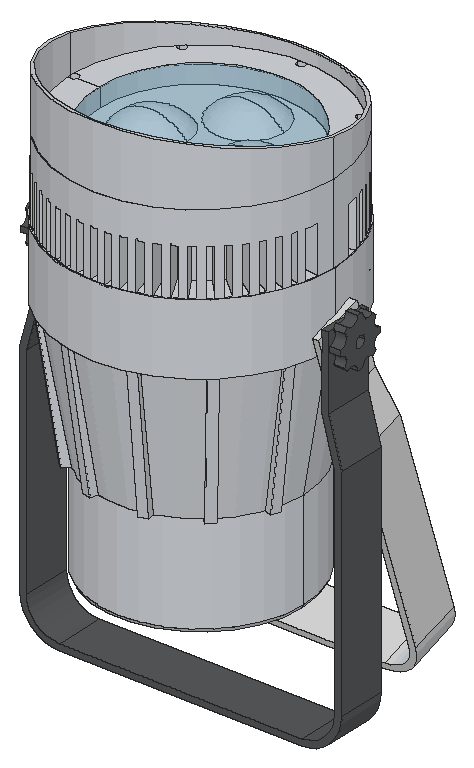
Revit family "WALL WASHER FOCUS RGBW_LVL4030RGB.10", category Luminarias, Revit 2019
Family settings
  Cota de conector redondo = Diámetro de uso
  Tipo de pieza = Normal
  Se basa en plano de trabajo = Sí
  Siempre vertical = No
  Corte con vacíos al cargar = No
  Origen de luz = Sí
  Compartido = No
  Punto de cálculo de habitación = No
Parameters (values of type "REFL_LVL4030RGB.10")
  Zone [instance] = ""
  Watt per fixture = 45
  Wattage = 45 W
  built-in parameter 1150107 = 3200 (stored number, unit not read)
  Tamaño de símbolo de origen de luz = 500 mm
  built-in parameter 1150110 = 1 (stored number, unit not read)
  built-in parameter 1150109 = 1 (stored number, unit not read)
  built-in parameter 1150112 = 1 (stored number, unit not read)
  built-in parameter 1150113 = 1 (stored number, unit not read)
  built-in parameter 1114218 = 1 (stored number, unit not read)
  Keynote = ""
  built-in parameter 1150137 = (empty or 0)
  built-in parameter 1150132 = (empty or 0)
  Modelo = "LVL4030RGB.10"
  Lámpara = "CREE"
  Emit from Line Length = 609.6 mm
  built-in parameter 1150105 = 109.26 (stored number, unit not read)
  built-in parameter 1150102 = (empty or 0)
  built-in parameter 1150106 = 1.0926 (stored number, unit not read)
  Lumens = 1372.95 lm
  Color Filter = 16777215
  built-in parameter 1114217 = 1 (stored number, unit not read)
  built-in parameter 1150139 = (empty or 0)
  Fabricante = "BRILLANT"
  Default Elevation = 0 mm
  built-in parameter 1150104 = 2.8345 (stored number, unit not read)
  Descripción = "LUMINARIA TIPO REFLECTOR DIRIGIBLE, WALL WASHER , CUERPO DE ALUMINIO FUNDIDO A PRESION, 279MM DE LARGO POR 162MM DE DIAMETRO CON UN PESO DE 4.2KG, CUENTA CON 4 LED TIPO CREE RGBW CON UN CONSUMO TOTAL DE 45W, 1373 LUMENES, IP 66, CABLE H05RN DE 1.5M, APERTURA DE 10 GRADOS EN STOCK, ALIMENTADA CON FUENTE REMOTA A 90-277V. REQUIERE ACCESORIOS."
  built-in parameter 1150115 = 1 (stored number, unit not read)
  built-in parameter 1150114 = 1 (stored number, unit not read)
  Comentarios de vataje = "90-277V"
  built-in parameter 1150138 = (empty or 0)
  built-in parameter 1150134 = 3
  Circuit [instance] = ""
  Dimming Lamp Color Temperature Shift = (empty or 0)
  built-in parameter 1150133 = 10 (stored number, unit not read)
Reference planes
  plane 1 "Centro (Frontal/Posterior)": y = 0
  plane 2: z = 0
  plane 3 "Centro (Izquierda/Derecha)": x = 0
  plane 4: z = 343
  plane 5 "dwn bt": y = -8.457
Forms (mm)
  Revolve 1, solid
    sketch origin (0, 0, 0) x (1, 0, 0) y (0, 0, 1)
      loop
        line (0, 304.723) -> (0, 64) -> (61.428, 64) -> (62.767, 66.319) -> (62.767, 126.319) -> (81, 229.723) -> (81, 304.723) -> (0, 304.723)
      axis (0, 304.723) -> (0, 64)
    angle from 0 to 360
  Revolve 2, solid
    sketch origin (0, 0, 0) x (1, 0, 0) y (0, 0, 1)
      loop
        line (81, 304.723) -> (81, 343) -> (79.148, 343) -> (79.148, 304.723) -> (81, 304.723)
      axis (0, 343) -> (0, 304.723)
    angle from 0 to 360
  Extrusion 3, void
    sketch origin (0, 0, 0) x (1, 0, 0) y (0, 1, 0)
      loop
        circle (0, 0) r 61.428
    from 293.199 to 304.723
  Extrusion 4, solid, material "Cristal"
    sketch origin (0, 0, 0) x (1, 0, 0) y (0, 1, 0)
      loop
        circle (0, 0) r 61.428
    from 304.18 to 304.723
  Revolve 5, solid
    sketch origin (0, 0, 0) x (1, 0, 0) y (0, 0, 1)
      loop
        arc (-30.028, 303.383) -> (-42.063, 300.712) -> (-51.838, 293.199) r 28.445
        line (-51.838, 293.199) -> (-30.028, 293.199) -> (-30.028, 303.383)
      axis (-30.028, 303.383) -> (-30.028, 293.199)
    angle from 0 to 360
  Revolve 6, solid
    sketch origin (0, 0, 0) x (-1, 0, 0) y (0, 0, 1)
      loop
        arc (-30.028, 303.383) -> (-42.063, 300.712) -> (-51.838, 293.199) r 28.445
        line (-51.838, 293.199) -> (-30.028, 293.199) -> (-30.028, 303.383)
      axis (-30.028, 303.383) -> (-30.028, 293.199)
    angle from 0 to 360
  Revolve 7, solid
    sketch origin (-30.028, -35.785, 0) x (-1, 0, 0) y (0, 0, 1)
      loop
        arc (-30.028, 303.383) -> (-42.063, 300.712) -> (-51.838, 293.199) r 28.445
        line (-51.838, 293.199) -> (-30.028, 293.199) -> (-30.028, 303.383)
      axis (-30.028, 303.383) -> (-30.028, 293.199)
    angle from 0 to 360
  Revolve 8, solid
    sketch origin (-30.028, 35.785, 0) x (-1, 0, 0) y (0, 0, 1)
      loop
        arc (-30.028, 303.383) -> (-42.063, 300.712) -> (-51.838, 293.199) r 28.445
        line (-51.838, 293.199) -> (-30.028, 293.199) -> (-30.028, 303.383)
      axis (-30.028, 303.383) -> (-30.028, 293.199)
    angle from 0 to 360
  Extrusion 9, void
    sketch origin (2.444, -0.551, 0) x (-0.003976, -0.999992, 0) y (0, 0, -1)
      loop
        line (-83.997, -311.475) -> (-83.997, -356.475) -> (81, -356.475) -> (81, -343) -> (-83.997, -311.475)
    from -88.464 to 86.561
  Extrusion 10, void
    sketch origin (0, 0, 0) x (1, 0, 0) y (0, 1, 0)
      loop
        circle (0, 76.526) r 2.622
      loop
        circle (0, -76.526) r 2.622
      loop
        circle (54.112, 54.112) r 2.622
      loop
        circle (76.526, 0) r 2.622
      loop
        circle (-54.112, 54.112) r 2.622
      loop
        circle (-76.526, 0) r 2.622
      loop
        circle (54.112, -54.112) r 2.622
      loop
        circle (-54.112, -54.112) r 2.622
    from 301.235 to 304.723
  Extrusion 11, void
    sketch origin (0, 0, 0) x (1, 0, 0) y (0, 1, 0)
      loop
        arc (80.236, -19.26) -> (81.088, -15.202) -> (81.732, -11.105) r 81
        line (81.732, -11.105) -> (62.195, -8.451)
        arc (62.195, -8.451) -> (61.692, -11.565) -> (61.033, -14.651) r 62.767
        line (61.033, -14.651) -> (80.236, -19.26)
      loop
        arc (-61.667, -11.699) -> (-62.177, -8.585) -> (-62.53, -5.45) r 62.767
        line (-62.53, -5.45) -> (-81.671, -7.119)
        arc (-81.671, -7.119) -> (-81.866, -11.285) -> (-81.109, -15.387) r 18.232
        line (-81.109, -15.387) -> (-61.667, -11.699)
      loop
        line (-60.182, -17.829) -> (-78.782, -23.339)
        arc (-78.782, -23.339) -> (-78.341, -25.454) -> (-77.629, -27.493) r 16.49
        line (-77.629, -27.493) -> (-59.085, -20.925)
        arc (-59.085, -20.925) -> (-59.698, -19.4) -> (-60.182, -17.829) r 19.533
      loop
        line (-57.988, -24.022) -> (-76.139, -31.541)
        arc (-76.139, -31.541) -> (-75.398, -33.571) -> (-74.454, -35.516) r 21.21
        line (-74.454, -35.516) -> (-56.574, -26.987)
        arc (-56.574, -26.987) -> (-57.342, -25.533) -> (-57.988, -24.022) r 19.998
      loop
        line (-55.16, -29.952) -> (-72.911, -39.591)
        arc (-72.911, -39.591) -> (-72.021, -41.581) -> (-70.888, -43.443) r 17.299
        line (-70.888, -43.443) -> (-53.443, -32.753)
        arc (-53.443, -32.753) -> (-54.359, -31.388) -> (-55.16, -29.952) r 19.872
      loop
        line (-51.727, -35.553) -> (-68.213, -46.885)
        arc (-68.213, -46.885) -> (-67.145, -48.783) -> (-65.899, -50.57) r 22.581
        line (-65.899, -50.57) -> (-49.727, -38.159)
        arc (-49.727, -38.159) -> (-50.786, -36.902) -> (-51.727, -35.553) r 17.97
      loop
        line (-47.727, -40.766) -> (-62.889, -53.716)
        arc (-62.889, -53.716) -> (-61.556, -55.427) -> (-60.049, -56.989) r 20.595
        line (-60.049, -56.989) -> (-45.528, -43.208)
        arc (-45.528, -43.208) -> (-46.643, -42.001) -> (-47.727, -40.766) r 62.767
      loop
        line (-43.204, -45.531) -> (-56.858, -59.92)
        arc (-56.858, -59.92) -> (-55.371, -61.497) -> (-53.738, -62.924) r 22.457
        line (-53.738, -62.924) -> (-40.706, -47.664)
        arc (-40.706, -47.664) -> (-42.018, -46.671) -> (-43.204, -45.531) r 14.013
      loop
        line (-38.208, -49.798) -> (-50.144, -65.354)
        arc (-50.144, -65.354) -> (-48.53, -66.796) -> (-46.712, -67.971) r 13.876
        line (-46.712, -67.971) -> (-35.501, -51.658)
        arc (-35.501, -51.658) -> (-36.888, -50.776) -> (-38.208, -49.798) r 23.281
      loop
        line (-32.794, -53.519) -> (-42.87, -69.963)
        arc (-42.87, -69.963) -> (-41.118, -71.218) -> (-39.239, -72.275) r 19.752
        line (-39.239, -72.275) -> (-29.907, -55.086)
        arc (-29.907, -55.086) -> (-31.386, -54.368) -> (-32.794, -53.519) r 18.038
      loop
        line (-27.02, -56.653) -> (-35.344, -74.107)
        arc (-35.344, -74.107) -> (-33.457, -75.148) -> (-31.476, -75.997) r 21.816
        line (-31.476, -75.997) -> (-23.985, -57.91)
        arc (-23.985, -57.91) -> (-25.53, -57.349) -> (-27.02, -56.653) r 18.731
      loop
        line (-20.95, -59.167) -> (-27.489, -77.635)
        arc (-27.489, -77.635) -> (-25.493, -78.465) -> (-23.421, -79.077) r 20.23
        line (-23.421, -79.077) -> (-17.8, -60.1)
        arc (-17.8, -60.1) -> (-19.401, -59.721) -> (-20.95, -59.167) r 14.9
      loop
        line (-14.651, -61.033) -> (-19.226, -80.094)
        arc (-19.226, -80.094) -> (-17.144, -80.669) -> (-15.018, -81.047) r 23.129
        line (-15.018, -81.047) -> (-11.421, -61.632)
        arc (-11.421, -61.632) -> (-13.05, -61.413) -> (-14.651, -61.033) r 16.48
      loop
        line (-8.191, -62.23) -> (-10.739, -81.59)
        arc (-10.739, -81.59) -> (-8.612, -81.957) -> (-6.463, -82.155) r 27.318
        line (-6.463, -82.155) -> (-4.922, -62.574)
        arc (-4.922, -62.574) -> (-6.559, -62.423) -> (-8.191, -62.23) r 62.767
      loop
        line (-1.641, -62.745) -> (-2.155, -82.406)
        arc (-2.155, -82.406) -> (0.001, -82.323) -> (2.159, -82.347) r 42.99
        line (2.159, -82.347) -> (1.645, -62.745)
        arc (1.645, -62.745) -> (0.002, -62.767) -> (-1.641, -62.745) r 62.972
      loop
        line (4.927, -62.573) -> (6.445, -81.858)
        arc (6.445, -81.858) -> (8.595, -81.752) -> (10.731, -81.49) r 29.655
        line (10.731, -81.49) -> (8.184, -62.144)
        arc (8.184, -62.144) -> (6.564, -62.428) -> (4.927, -62.573) r 19.428
      loop
        line (11.441, -61.716) -> (15.019, -81.021)
        arc (15.019, -81.021) -> (17.156, -80.7) -> (19.261, -80.216) r 28.12
        line (19.261, -80.216) -> (14.655, -61.032)
        arc (14.655, -61.032) -> (13.052, -61.395) -> (11.441, -61.716) r 62.767
      loop
        line (17.829, -60.182) -> (23.391, -78.957)
        arc (23.391, -78.957) -> (25.508, -78.505) -> (27.574, -77.859) r 23.423
        line (27.574, -77.859) -> (20.925, -59.085)
        arc (20.925, -59.085) -> (19.408, -59.719) -> (17.829, -60.182) r 14.808
      loop
        line (24.022, -57.988) -> (31.624, -76.339)
        arc (31.624, -76.339) -> (33.647, -75.566) -> (35.587, -74.602) r 22.462
        line (35.587, -74.602) -> (27.024, -56.652)
        arc (27.024, -56.652) -> (25.532, -57.34) -> (24.022, -57.988) r 62.767
      loop
        line (29.952, -55.16) -> (39.337, -72.444)
        arc (39.337, -72.444) -> (41.264, -71.466) -> (43.101, -70.329) r 25.529
        line (43.101, -70.329) -> (32.753, -53.443)
        arc (32.753, -53.443) -> (31.391, -54.365) -> (29.952, -55.16) r 18.107
      loop
        line (35.553, -51.727) -> (46.793, -68.08)
        arc (46.793, -68.08) -> (48.61, -66.902) -> (50.327, -65.582) r 27.004
        line (50.327, -65.582) -> (38.159, -49.727)
        arc (38.159, -49.727) -> (36.902, -50.786) -> (35.553, -51.727) r 18
      loop
        line (40.766, -47.727) -> (53.562, -62.709)
        arc (53.562, -62.709) -> (55.186, -61.284) -> (56.686, -59.731) r 26.218
        line (56.686, -59.731) -> (43.148, -45.466)
        arc (43.148, -45.466) -> (42.017, -46.659) -> (40.766, -47.727) r 15.608
      loop
        line (45.531, -43.204) -> (59.808, -56.752)
        arc (59.808, -56.752) -> (61.314, -55.203) -> (62.703, -53.549) r 29.68
        line (62.703, -53.549) -> (47.73, -40.762)
        arc (47.73, -40.762) -> (46.646, -41.998) -> (45.531, -43.204) r 62.767
      loop
        line (49.798, -38.208) -> (65.269, -50.079)
        arc (65.269, -50.079) -> (66.634, -48.41) -> (67.871, -46.643) r 28.953
        line (67.871, -46.643) -> (51.658, -35.501)
        arc (51.658, -35.501) -> (50.794, -36.9) -> (49.798, -38.208) r 16.956
      loop
        line (53.519, -32.794) -> (70.141, -42.979)
        arc (70.141, -42.979) -> (71.269, -41.143) -> (72.232, -39.216) r 24.475
        line (72.232, -39.216) -> (55.086, -29.907)
        arc (55.086, -29.907) -> (54.383, -31.394) -> (53.519, -32.794) r 14.703
      loop
        line (56.653, -27.02) -> (74.283, -35.428)
        arc (74.283, -35.428) -> (75.288, -33.518) -> (76.13, -31.531) r 25.721
        line (76.13, -31.531) -> (57.91, -23.985)
        arc (57.91, -23.985) -> (57.382, -25.544) -> (56.653, -27.02) r 12.458
      loop
        line (59.167, -20.95) -> (77.709, -27.515)
        arc (77.709, -27.515) -> (78.492, -25.501) -> (79.095, -23.426) r 24.77
        line (79.095, -23.426) -> (60.183, -17.825)
        arc (60.183, -17.825) -> (59.696, -19.394) -> (59.167, -20.95) r 62.767
      loop
        line (80.236, 19.671) -> (61.033, 15.061)
        arc (61.033, 15.061) -> (61.692, 11.976) -> (62.195, 8.862) r 62.767
        line (62.195, 8.862) -> (81.732, 11.516)
        arc (81.732, 11.516) -> (81.088, 15.612) -> (80.236, 19.671) r 81
      loop
        line (-61.667, 12.109) -> (-81.109, 15.798)
        arc (-81.109, 15.798) -> (-81.866, 11.696) -> (-81.671, 7.529) r 18.232
        line (-81.671, 7.529) -> (-62.53, 5.861)
        arc (-62.53, 5.861) -> (-62.177, 8.996) -> (-61.667, 12.109) r 62.767
      loop
        arc (-60.182, 18.239) -> (-59.698, 19.811) -> (-59.085, 21.336) r 19.533
        line (-59.085, 21.336) -> (-77.629, 27.903)
        arc (-77.629, 27.903) -> (-78.341, 25.864) -> (-78.782, 23.75) r 16.49
        line (-78.782, 23.75) -> (-60.182, 18.239)
      loop
        arc (-57.988, 24.432) -> (-57.342, 25.944) -> (-56.574, 27.397) r 19.998
        line (-56.574, 27.397) -> (-74.454, 35.926)
        arc (-74.454, 35.926) -> (-75.398, 33.982) -> (-76.139, 31.952) r 21.21
        line (-76.139, 31.952) -> (-57.988, 24.432)
      loop
        arc (-55.16, 30.362) -> (-54.359, 31.798) -> (-53.443, 33.163) r 19.872
        line (-53.443, 33.163) -> (-70.888, 43.854)
        arc (-70.888, 43.854) -> (-72.021, 41.992) -> (-72.911, 40.001) r 17.299
        line (-72.911, 40.001) -> (-55.16, 30.362)
      loop
        arc (-51.727, 35.964) -> (-50.786, 37.313) -> (-49.727, 38.57) r 17.97
        line (-49.727, 38.57) -> (-65.899, 50.98)
        arc (-65.899, 50.98) -> (-67.145, 49.194) -> (-68.213, 47.295) r 22.581
        line (-68.213, 47.295) -> (-51.727, 35.964)
      loop
        arc (-47.727, 41.176) -> (-46.643, 42.411) -> (-45.528, 43.618) r 62.767
        line (-45.528, 43.618) -> (-60.049, 57.399)
        arc (-60.049, 57.399) -> (-61.556, 55.838) -> (-62.889, 54.127) r 20.595
        line (-62.889, 54.127) -> (-47.727, 41.176)
      loop
        arc (-43.204, 45.942) -> (-42.018, 47.082) -> (-40.706, 48.075) r 14.013
        line (-40.706, 48.075) -> (-53.738, 63.334)
        arc (-53.738, 63.334) -> (-55.371, 61.908) -> (-56.858, 60.33) r 22.457
        line (-56.858, 60.33) -> (-43.204, 45.942)
      loop
        arc (-38.208, 50.208) -> (-36.888, 51.186) -> (-35.501, 52.069) r 23.281
        line (-35.501, 52.069) -> (-46.712, 68.382)
        arc (-46.712, 68.382) -> (-48.53, 67.207) -> (-50.144, 65.764) r 13.876
        line (-50.144, 65.764) -> (-38.208, 50.208)
      loop
        arc (-32.794, 53.929) -> (-31.386, 54.779) -> (-29.907, 55.497) r 18.038
        line (-29.907, 55.497) -> (-39.239, 72.686)
        arc (-39.239, 72.686) -> (-41.118, 71.629) -> (-42.87, 70.374) r 19.752
        line (-42.87, 70.374) -> (-32.794, 53.929)
      loop
        arc (-27.02, 57.064) -> (-25.53, 57.759) -> (-23.985, 58.321) r 18.731
        line (-23.985, 58.321) -> (-31.476, 76.408)
        arc (-31.476, 76.408) -> (-33.457, 75.558) -> (-35.344, 74.517) r 21.816
        line (-35.344, 74.517) -> (-27.02, 57.064)
      loop
        arc (-20.95, 59.578) -> (-19.401, 60.132) -> (-17.8, 60.511) r 14.9
        line (-17.8, 60.511) -> (-23.421, 79.487)
        arc (-23.421, 79.487) -> (-25.493, 78.875) -> (-27.489, 78.046) r 20.23
        line (-27.489, 78.046) -> (-20.95, 59.578)
      loop
        arc (-14.651, 61.444) -> (-13.05, 61.824) -> (-11.421, 62.042) r 16.48
        line (-11.421, 62.042) -> (-15.018, 81.458)
        arc (-15.018, 81.458) -> (-17.144, 81.079) -> (-19.226, 80.504) r 23.129
        line (-19.226, 80.504) -> (-14.651, 61.444)
      loop
        arc (-8.191, 62.641) -> (-6.559, 62.834) -> (-4.922, 62.984) r 62.767
        line (-4.922, 62.984) -> (-6.463, 82.566)
        arc (-6.463, 82.566) -> (-8.612, 82.368) -> (-10.739, 82.001) r 27.318
        line (-10.739, 82.001) -> (-8.191, 62.641)
      loop
        arc (-1.641, 63.156) -> (0.002, 63.178) -> (1.645, 63.156) r 62.972
        line (1.645, 63.156) -> (2.159, 82.758)
        arc (2.159, 82.758) -> (0.001, 82.733) -> (-2.155, 82.816) r 42.99
        line (-2.155, 82.816) -> (-1.641, 63.156)
      loop
        arc (4.927, 62.984) -> (6.564, 62.838) -> (8.184, 62.555) r 19.428
        line (8.184, 62.555) -> (10.731, 81.901)
        arc (10.731, 81.901) -> (8.595, 82.163) -> (6.445, 82.268) r 29.655
        line (6.445, 82.268) -> (4.927, 62.984)
      loop
        arc (11.441, 62.126) -> (13.052, 61.805) -> (14.655, 61.443) r 62.767
        line (14.655, 61.443) -> (19.261, 80.627)
        arc (19.261, 80.627) -> (17.156, 81.111) -> (15.019, 81.432) r 28.12
        line (15.019, 81.432) -> (11.441, 62.126)
      loop
        arc (17.829, 60.592) -> (19.408, 60.13) -> (20.925, 59.495) r 14.808
        line (20.925, 59.495) -> (27.574, 78.27)
        arc (27.574, 78.27) -> (25.508, 78.915) -> (23.391, 79.367) r 23.423
        line (23.391, 79.367) -> (17.829, 60.592)
      loop
        arc (24.022, 58.399) -> (25.532, 57.75) -> (27.024, 57.062) r 62.767
        line (27.024, 57.062) -> (35.587, 75.013)
        arc (35.587, 75.013) -> (33.647, 75.977) -> (31.624, 76.749) r 22.462
        line (31.624, 76.749) -> (24.022, 58.399)
      loop
        arc (29.952, 55.57) -> (31.391, 54.776) -> (32.753, 53.854) r 18.107
        line (32.753, 53.854) -> (43.101, 70.74)
        arc (43.101, 70.74) -> (41.264, 71.877) -> (39.337, 72.855) r 25.529
        line (39.337, 72.855) -> (29.952, 55.57)
      loop
        arc (35.553, 52.137) -> (36.902, 51.197) -> (38.159, 50.137) r 18
        line (38.159, 50.137) -> (50.327, 65.993)
        arc (50.327, 65.993) -> (48.61, 67.313) -> (46.793, 68.49) r 27.004
        line (46.793, 68.49) -> (35.553, 52.137)
      loop
        arc (40.766, 48.138) -> (42.017, 47.07) -> (43.148, 45.876) r 15.608
        line (43.148, 45.876) -> (56.686, 60.141)
        arc (56.686, 60.141) -> (55.186, 61.695) -> (53.562, 63.119) r 26.218
        line (53.562, 63.119) -> (40.766, 48.138)
      loop
        arc (45.531, 43.615) -> (46.646, 42.408) -> (47.73, 41.173) r 62.767
        line (47.73, 41.173) -> (62.703, 53.96)
        arc (62.703, 53.96) -> (61.314, 55.614) -> (59.808, 57.163) r 29.68
        line (59.808, 57.163) -> (45.531, 43.615)
      loop
        arc (49.798, 38.619) -> (50.794, 37.31) -> (51.658, 35.912) r 16.956
        line (51.658, 35.912) -> (67.871, 47.054)
        arc (67.871, 47.054) -> (66.634, 48.82) -> (65.269, 50.49) r 28.953
        line (65.269, 50.49) -> (49.798, 38.619)
      loop
        arc (53.519, 33.204) -> (54.383, 31.805) -> (55.086, 30.317) r 14.703
        line (55.086, 30.317) -> (72.232, 39.626)
        arc (72.232, 39.626) -> (71.269, 41.554) -> (70.141, 43.39) r 24.475
        line (70.141, 43.39) -> (53.519, 33.204)
      loop
        arc (56.653, 27.43) -> (57.382, 25.955) -> (57.91, 24.396) r 12.458
        line (57.91, 24.396) -> (76.13, 31.942)
        arc (76.13, 31.942) -> (75.288, 33.929) -> (74.283, 35.839) r 25.721
        line (74.283, 35.839) -> (56.653, 27.43)
      loop
        arc (59.167, 21.361) -> (59.696, 19.805) -> (60.183, 18.235) r 62.767
        line (60.183, 18.235) -> (79.095, 23.837)
        arc (79.095, 23.837) -> (78.492, 25.912) -> (77.709, 27.926) r 24.77
        line (77.709, 27.926) -> (59.167, 21.361)
    from 256.308 to 285.023
  Extrusion 12, solid
    sketch origin (0, 0, 0) x (1, 0, 0) y (0, 1, 0)
      loop
        circle (0, 0) r 81
      loop
        circle (0, 0) r 81.906
    from 213.202 to 256.308
  Extrusion 13, solid, material "Plastico"
    sketch origin (0, 0, 0) x (0, 1, 0) y (0, 0, 1)
      loop
        arc (14.911, 219.803) -> (15, 221.438) -> (14.911, 223.073) r 15
        arc (14.911, 223.073) -> (10.77, 225.899) -> (11.7, 230.825) r 4.579
        arc (11.7, 230.825) -> (10.607, 232.045) -> (9.387, 233.138) r 15
        arc (9.387, 233.138) -> (4.461, 232.208) -> (1.635, 236.349) r 4.579
        arc (1.635, 236.349) -> (0, 236.438) -> (-1.635, 236.349) r 15
        arc (-1.635, 236.349) -> (-4.461, 232.208) -> (-9.387, 233.138) r 4.579
        arc (-9.387, 233.138) -> (-10.607, 232.045) -> (-11.7, 230.825) r 15
        arc (-11.7, 230.825) -> (-10.77, 225.899) -> (-14.911, 223.073) r 4.579
        arc (-14.911, 223.073) -> (-15, 221.438) -> (-14.911, 219.803) r 15
        arc (-14.911, 219.803) -> (-10.77, 216.977) -> (-11.7, 212.051) r 4.579
        arc (-11.7, 212.051) -> (-10.607, 210.832) -> (-9.387, 209.739) r 15
        arc (-9.387, 209.739) -> (-4.461, 210.669) -> (-1.635, 206.528) r 4.579
        arc (-1.635, 206.528) -> (0, 206.438) -> (1.635, 206.528) r 15
        arc (1.635, 206.528) -> (4.461, 210.669) -> (9.387, 209.739) r 4.579
        arc (9.387, 209.739) -> (10.607, 210.832) -> (11.7, 212.051) r 15
        arc (11.7, 212.051) -> (10.77, 216.977) -> (14.911, 219.803) r 4.579
      loop
        circle (0, 221.438) r 3.632
    from 89.856 to 96.991
  Extrusion 14, solid, material "Plastico"
    sketch origin (0, 0, 0) x (1, 0, 0) y (0, 0, 1)
      loop
        line (85.856, 230.825) -> (85.856, 185.825) -> (93.62, 156.848) -> (93.62, 24)
        arc (93.62, 24) -> (87.763, 9.858) -> (73.62, 4) r 20
        line (73.62, 4) -> (-73.62, 4)
        arc (-73.62, 4) -> (-87.763, 9.858) -> (-93.62, 24) r 20
        line (-93.62, 24) -> (-93.62, 156.848) -> (-85.856, 185.825) -> (-85.856, 230.825) -> (-89.856, 230.825) -> (-89.856, 186.352) -> (-97.62, 157.374) -> (-97.62, 24)
        arc (-97.62, 24) -> (-90.591, 7.029) -> (-73.62, 0) r 24
        line (-73.62, 0) -> (73.62, 0)
        arc (73.62, 0) -> (90.591, 7.029) -> (97.62, 24) r 24
        line (97.62, 24) -> (97.62, 157.374) -> (89.856, 186.352) -> (89.856, 230.825) -> (85.856, 230.825)
    from -14.911 to 15
  Extrusion 15, solid, material "Aluminio"
    sketch origin (0, 69.552, 11.233) x (1, 0, 0) y (0, -0.314794, 0.94916)
      loop
        line (81.856, 230.825) -> (81.856, 185.825) -> (89.62, 156.848) -> (89.62, 28)
        arc (89.62, 28) -> (83.763, 13.858) -> (69.62, 8) r 20
        line (69.62, 8) -> (-69.62, 8)
        arc (-69.62, 8) -> (-83.763, 13.858) -> (-89.62, 28) r 20
        line (-89.62, 28) -> (-89.62, 156.848) -> (-81.856, 185.825) -> (-81.856, 230.825) -> (-85.856, 230.825) -> (-85.856, 186.352) -> (-93.62, 157.374) -> (-93.62, 28)
        arc (-93.62, 28) -> (-86.591, 11.029) -> (-69.62, 4) r 24
        line (-69.62, 4) -> (69.62, 4)
        arc (69.62, 4) -> (86.591, 11.029) -> (93.62, 28) r 24
        line (93.62, 28) -> (93.62, 157.374) -> (85.856, 186.352) -> (85.856, 230.825) -> (81.856, 230.825)
    from -15.061 to 15
  Extrusion 16, solid, material "Plastico"
    sketch origin (0, 0, 0) x (0, 1, 0) y (0, 0, -1)
      loop
        arc (14.911, -219.803) -> (10.77, -216.977) -> (11.7, -212.051) r 4.579
        arc (11.7, -212.051) -> (10.607, -210.832) -> (9.387, -209.739) r 15
        arc (9.387, -209.739) -> (4.461, -210.669) -> (1.635, -206.528) r 4.579
        arc (1.635, -206.528) -> (0, -206.438) -> (-1.635, -206.528) r 15
        arc (-1.635, -206.528) -> (-4.461, -210.669) -> (-9.387, -209.739) r 4.579
        arc (-9.387, -209.739) -> (-10.607, -210.832) -> (-11.7, -212.051) r 15
        arc (-11.7, -212.051) -> (-10.77, -216.977) -> (-14.911, -219.803) r 4.579
        arc (-14.911, -219.803) -> (-15, -221.438) -> (-14.911, -223.073) r 15
        arc (-14.911, -223.073) -> (-10.77, -225.899) -> (-11.7, -230.825) r 4.579
        arc (-11.7, -230.825) -> (-10.607, -232.045) -> (-9.387, -233.138) r 15
        arc (-9.387, -233.138) -> (-4.461, -232.208) -> (-1.635, -236.349) r 4.579
        arc (-1.635, -236.349) -> (0, -236.438) -> (1.635, -236.349) r 15
        arc (1.635, -236.349) -> (4.461, -232.208) -> (9.387, -233.138) r 4.579
        arc (9.387, -233.138) -> (10.607, -232.045) -> (11.7, -230.825) r 15
        arc (11.7, -230.825) -> (10.77, -225.899) -> (14.911, -223.073) r 4.579
        arc (14.911, -223.073) -> (15, -221.438) -> (14.911, -219.803) r 15
      loop
        circle (0, -221.438) r 3.632
    from 89.856 to 96.991
  Extrusion 17, solid
    sketch origin (0, 0, 0) x (0.258819, -0.965926, 0) y (0, 0, 1)
      loop
        line (80.077, 213.202) -> (78.087, 213.202) -> (62.767, 126.319) -> (67.476, 126.319) -> (80.077, 213.202)
    from -2.84 to 2.975
  Extrusion 18, solid
    sketch origin (0, 0, 0) x (0.943011, -0.332761, 0) y (0, 0, 1)
      loop
        line (80.077, 213.202) -> (78.087, 213.202) -> (62.767, 126.319) -> (67.476, 126.319) -> (80.077, 213.202)
    from -2.84 to 2.975
  Extrusion 19, solid
    sketch origin (0, 0, 0) x (0.679208, -0.733946, 0) y (0, 0, 1)
      loop
        line (80.077, 213.202) -> (78.087, 213.202) -> (62.767, 126.319) -> (67.476, 126.319) -> (80.077, 213.202)
    from -2.84 to 2.975
  Extrusion 20, solid
    sketch origin (0, 0, 0) x (-0.258819, -0.965926, 0) y (0, 0, -1)
      loop
        line (80.077, -213.202) -> (67.476, -126.319) -> (62.767, -126.319) -> (78.087, -213.202) -> (80.077, -213.202)
    from -2.84 to 2.975
  Extrusion 21, solid
    sketch origin (0, 0, 0) x (-0.943011, -0.332761, 0) y (0, 0, -1)
      loop
        line (80.077, -213.202) -> (67.476, -126.319) -> (62.767, -126.319) -> (78.087, -213.202) -> (80.077, -213.202)
    from -2.84 to 2.975
  Extrusion 22, solid
    sketch origin (0, 0, 0) x (-0.679208, -0.733946, 0) y (0, 0, -1)
      loop
        line (80.077, -213.202) -> (67.476, -126.319) -> (62.767, -126.319) -> (78.087, -213.202) -> (80.077, -213.202)
    from -2.84 to 2.975
  Extrusion 23, solid, material "Plastico"
    sketch origin (0, 0, 0) x (1, 0, 0) y (0, 1, 0)
      loop
        line (40, 14.911) -> (-40, 14.911) -> (-40, -15) -> (40, -15) -> (40, 14.911)
    from 61.775 to 64
  Extrusion 24, void
    sketch origin (0, 0, 0) x (1, 0, 0) y (0, 1, 0)
      loop
        line (-16.481, 11.525) -> (-16.481, -1.879) -> (16.481, -1.879) -> (16.481, 11.525) -> (-16.481, 11.525)
    from 61.775 to 62.744
  Revolve 25, solid
    sketch origin (0, -8.457, 0) x (-1, 0, 0) y (0, 0, 1)
      loop
        line (30, 61.775) -> (25, 61.775) -> (25, 59.107)
        arc (25, 59.107) -> (27.833, 59.816) -> (30, 61.775) r 6.02
      axis (25, 61.775) -> (25, 59.107)
    angle from 0 to 360
  Revolve 26, solid
    sketch origin (15, -8.457, 0) x (-1, 0, 0) y (0, 0, 1)
      loop
        line (30, 61.775) -> (25, 61.775) -> (25, 59.107)
        arc (25, 59.107) -> (27.833, 59.816) -> (30, 61.775) r 6.02
      axis (25, 61.775) -> (25, 59.107)
    angle from 0 to 360
  Revolve 27, solid
    sketch origin (0, -8.457, 0) x (1, 0, 0) y (0, 0, 1)
      loop
        line (30, 61.775) -> (25, 61.775) -> (25, 59.107)
        arc (25, 59.107) -> (27.833, 59.816) -> (30, 61.775) r 6.02
      axis (25, 61.775) -> (25, 59.107)
    angle from 0 to 360
  Revolve 28, solid
    sketch origin (-15, -8.457, 0) x (1, 0, 0) y (0, 0, 1)
      loop
        line (30, 61.775) -> (25, 61.775) -> (25, 59.107)
        arc (25, 59.107) -> (27.833, 59.816) -> (30, 61.775) r 6.02
      axis (25, 61.775) -> (25, 59.107)
    angle from 0 to 360
  Extrusion 29, solid
    sketch origin (0, 0, 0) x (1, 0, 0) y (0, 0, 1)
      loop
        circle (-39.911, 96.349) r 8
    from -55.688 to -40.828
  Extrusion 30, solid
    sketch origin (0, 0, 0) x (1, 0, 0) y (0, 0, 1)
      loop
        line (-46.617, 96.349) -> (-43.264, 90.542) -> (-36.559, 90.542) -> (-33.206, 96.349) -> (-36.559, 102.156) -> (-43.264, 102.156) -> (-46.617, 96.349)
    from -57.468 to -55.688
  Extrusion 31, solid
    sketch origin (25, 0, 0) x (1, 0, 0) y (0, 0, 1)
      loop
        circle (-39.911, 96.349) r 8
    from -65.768 to -57.468
  Extrusion 32, solid
    sketch origin (25, 0, 0) x (1, 0, 0) y (0, 0, 1)
      loop
        line (-46.617, 96.349) -> (-43.264, 90.542) -> (-36.559, 90.542) -> (-33.206, 96.349) -> (-36.559, 102.156) -> (-43.264, 102.156) -> (-46.617, 96.349)
    from -68.5 to -65.768
  Extrusion 33, solid
    sketch origin (-25, 0, 0) x (-1, 0, 0) y (0, 0, -1)
      loop
        circle (-39.911, -96.349) r 8
    from -65.768 to -57.468
  Extrusion 34, solid
    sketch origin (-25, 0, 0) x (-1, 0, 0) y (0, 0, -1)
      loop
        line (-46.617, -96.349) -> (-43.264, -102.156) -> (-36.559, -102.156) -> (-33.206, -96.349) -> (-36.559, -90.542) -> (-43.264, -90.542) -> (-46.617, -96.349)
    from -68.5 to -65.768
  Extrusion 35, solid
    sketch origin (0, 0, 0) x (-1, 0, 0) y (0, 0, -1)
      loop
        circle (-39.911, -96.349) r 8
    from -55.688 to -40.828
  Extrusion 36, solid
    sketch origin (0, 0, 0) x (-1, 0, 0) y (0, 0, -1)
      loop
        line (-46.617, -96.349) -> (-43.264, -102.156) -> (-36.559, -102.156) -> (-33.206, -96.349) -> (-36.559, -90.542) -> (-43.264, -90.542) -> (-46.617, -96.349)
    from -57.468 to -55.688
Cuts and joins
  Extrusion 3, Extrusion 10, Extrusion 11 cuts Revolve 1
  Extrusion 9 cuts Revolve 2
  Extrusion 24 cuts Extrusion 14
  Extrusion 24 cuts Extrusion 23
Dimensions and locks
  plane 4 to plane 2 = 343 mm
  plane 4 to level = 343 mm
  Revolve 1 to Revolve 1 = 240.723 mm
  Revolve 2 sketch curve to Revolve 1 = 279 mm
  aligned and locked: level to plane 2
Connectors
  electrical at (-14.911, 68.5, 96.349)
    settings: on Extrusion 32, index 1, voltage 277 V, apparent load 0 VA, apparent load phase1 0 VA, apparent load phase2 0 VA, apparent load phase3 0 VA, power factor 1, load classification "Otro", number of poles 1, system type 31, power factor state 1, is connector primary yes, connector utility no, sub classification motor no, connector description ""
